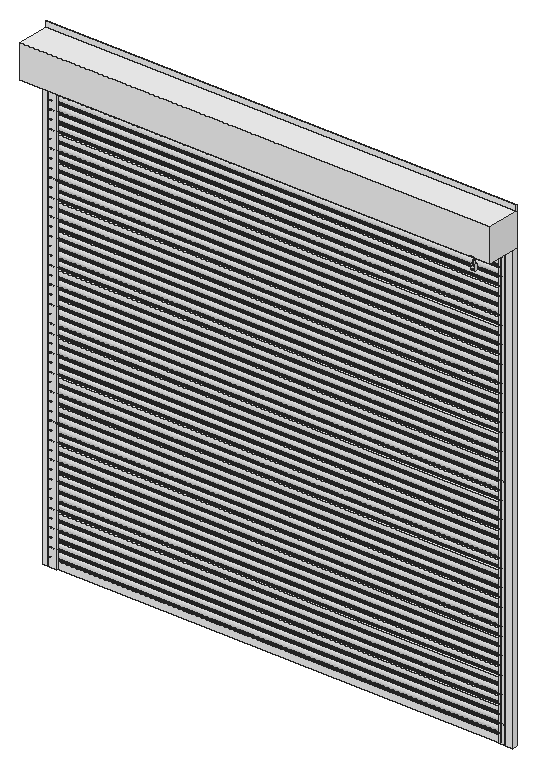
Revit family "Doors_Shutters_Wayne-Dalton_Security-Shutter-Doors-Model-523_", category Specialty Equipment, host Wall, Revit 2019
Family settings
  Host = Wall
  Round Connector Dimension = Use Diameter
  Part Type = Normal
  OmniClass Number = 23.30.10.21.34
  OmniClass Title = Industrial Doors
  Always vertical = Yes
  Cut with Voids When Loaded = Yes
  Shared = No
  Room Calculation Point = No
Parameters (values of type "115 volts, one phase, 60 Hz (110-120V range)")
  Warning (Note) [instance] = if(Warning Sign, "The Door Area is out of the limit; please adjust accordingly. The maximum allowed area is 239 sq. ft.", " ")  # " "
  Warning Sign [instance] = if(Calculated Area > 239.00 SF, 1 = 1, 1 = 2)  # no
  True Opening Width [instance] = if(Between Jambs Mounting, Door Width True, Clear Width)  # 10' - 0"
  True Opening Height [instance] = if(Between Jambs Mounting, Clear Height + Headroom Height, Clear Height)  # 10' - 0"
  Wall Thickness [instance] = 0' - 6"
  Voltage = 115 V
  Min Opening Width [instance] = 3' - 0"  # constant formula
  Min Opening Height [instance] = 3' - 0"  # constant formula
  Max Opening Width [instance] = 20' - 0"  # constant formula
  Max Opening Height [instance] = 14' - 0"  # constant formula
  Jamb Offset [instance] = if(Between Jambs Mounting, G Value, 0' 0")  # 0' - 0"
  Headroom Height Real [instance] = Hood Height + Hood Offset  # 0' - 11"
  G Value [instance] = 0' - 3 7/8"  # constant formula
  Door Width True [instance] = if(Between Jambs Mounting, Clear Width + G Value * 2, Clear Width + G Value * 2 + 0' 0 3/8" * 2)  # 10' - 8 1/2"
  Door Height True [instance] = Clear Height + Headroom Height  # 11' - 0 1/2"
  BJ Opening Cut [instance] = if(Between Jambs Mounting, Headroom Height, 0' 0")  # 0' - 0"
  Tube Motor = yes
  Product Page URL = "https://www.wayne-dalton.com/security-shutters-523"
  Power Factor = 1
  Powder Coat (Note) = "PowderGuard® Premium powder coat finish options are available in approximately 200 colors and can be custom matched to architect specifications."  # constant formula
  Opening Width Real [instance] = if(Opening Width > Max Opening Width, Max Opening Width, if(Opening Width < Min Opening Width, Min Opening Width, Opening Width))  # 10' - 0"
  Opening Width [instance] = 10' - 0"
  Opening Height Real [instance] = if(Opening Height > Max Opening Height, Max Opening Height, if(Opening Height < Min Opening Height, Min Opening Height, Opening Height))  # 10' - 0"
  Opening Height [instance] = 10' - 0"
  Number of Poles = 1
  Material Finish [instance] = 523 : Standard - White
  Installation Real [instance] = if(Between Jambs Mounting, Ex Wall Offset + Installation Limits, Wall Thickness)  # 0' - 6"
  Installation Offset [instance] = 0' - 0"
  Installation Limits [instance] = if(Installation Offset < 0' 0", 0' 0", if(Installation Offset > Wall Thickness - 0' 1 1/4" - Ex Wall Offset, Wall Thickness - 0' 1 1/4" - Ex Wall Offset, Installation Offset))  # 0' - 0"
  Hood Width [instance] = if(or(Opening Height < 4' 0", Opening Height = 4' 0"), 0' 7", if(or(Opening Height < 8' 0", Opening Height = 8' 0"), 0' 8", if(or(Opening Height < 10' 0", Opening Height = 10' 0"), 0' 9", if(or(Opening Height < 12' 0", Opening Height = 12' 0"), 0' 10", 0' 11"))))  # 0' - 9"
  Hood Offset = 0' - 2"  # constant formula
  Hood Height [instance] = if(or(Opening Height < 4' 0", Opening Height = 4' 0"), 0' 7", if(or(Opening Height < 8' 0", Opening Height = 8' 0"), 0' 8", if(or(Opening Height < 10' 0", Opening Height = 10' 0"), 0' 9", if(or(Opening Height < 12' 0", Opening Height = 12' 0"), 0' 10", 0' 11"))))  # 0' - 9"
  Headroom Height [instance] = if(Between Jambs Mounting, Hood Height + Hood Offset, Hood Height + Hood Offset + 0' 1 1/2")  # 1' - 0 1/2"
  Guid Depth [instance] = 0' - 7"  # constant formula
  Frequency = 60 Hz
  Face Of Wall Mounting [instance] = not(Between Jambs Mounting)  # yes
  Ex Wall Offset [instance] = 0' - 0"  # constant formula
  Door Width (Real) [instance] = if(Between Jambs Mounting, Clear Width, Clear Width + 0' 2 121/128" * 2)  # 10' - 5 57/64"
  Door Height (Real) [instance] = Clear Height + Hood Offset  # 10' - 2"
  URL = "https://www.wayne-dalton.com/"
  Product data url = "https://www.bimobject.com/wayne-dalton/product/security-shutter-doors-model-523"
  Product Guid = "4a28d49f-eaf9-4804-98fc-391255ed93c4"
  Model = "523"  # constant formula
  Manufacturer = "Wayne Dalton"  # constant formula
  Wall Closure = By host
  Floor To (CL) of Shaft [instance] = [Door Height (Real)] + Hood Height / 2  # 10' - 6 1/2"
  Description = "Model 523 Rolling Security Shutter"  # constant formula
  Crank + Tube Motor = or(Crank, Tube Motor)  # yes
  Crank = no
  Connector Position [instance] = if(Between Jambs Mounting, 0' 3 7/8", 0' 3 7/8" + 0' 0 3/8")  # 0' - 4 1/4"
  Manual = no
  Current = 20 A
  Connector Array Distance = 0' - 0"  # constant formula
  Connector Array = if(or(Manual, Crank), 2, 3)  # 3
  Clear Width [instance] = if(Between Jambs Mounting, Opening Width Real - G Value * 2, Opening Width Real)  # 10' - 0"
  Clear Height [instance] = if(Between Jambs Mounting, Opening Height Real - Headroom Height, Opening Height Real)  # 10' - 0"
  Calculated Area [instance] = [Door Width (Real)] * [Door Height (Real)]  # 106.657 SF
  Between Jambs Mounting [instance] = no
  Backroom Depth [instance] = Hood Width  # 0' - 9"
  Apparent Load Phase 1 = if(Number of Poles = 1, Voltage * Current, (Voltage * Current * sqrt(3)) / 3)  # 2300 VA
Types (4): name | Voltage | Tube Motor | Power Factor | Frequency | Crank + Tube Motor | Crank | Manual | Current | Connector Array | Apparent Load Phase 1
  115 volts, one phase, 60 Hz (110-120V range) | 115 V | yes | 1 | 60 Hz | yes | no | no | 20 A | 3 | 2300 VA
  Manual push-up | 0 V | no | 1 | 0 Hz | no | no | yes | 0 A | 2 | 0 VA
  240 volts, one phase, 60 Hz (208-245V range) | 240 V | yes | 1 | 60 Hz | yes | no | no | 20 A | 3 | 4800 VA
  Manual crank | 0 V | no | 0 | 0 Hz | yes | yes | no | 0 A | 2 | 0 VA
Reference planes (in)
  plane 1 "Center (Front/Back)": y = -5
  plane 2 "Center (Left/Right)": x = 0
  plane 3 "Left": x = -64.25
  plane 4 "Right": x = 64.25
  plane 5 "Exterior": y = 1
  plane 6 "Interior": y = -5
  plane 7: x = 60
  plane 8: x = -60
  plane 9: z = 120
  plane 10 "Main": y = -5.625
  plane 11: y = -14
  plane 12 "Main Door Block": y = -5
  plane 13 "Bottom Bar": z = 2.12022
  plane 14: y = -6
  plane 15: z = 126.5
  plane 16: z = 0
  plane 17: y = -9.5
  plane 18: y = -9.5
  plane 19 "Connector": x = 64.25
  plane 20: z = 122
  plane 21: z = 132.5
  plane 22: z = 61
  plane 23: y = -5.875
Forms (in)
  Extrusion 1, void
    sketch origin (0, -5, 0) x (0, 0, -1) y (-1, 0, 0)
      loop
        line (-120, 60) -> (-120, -60) -> (0, -60) -> (0, 60) -> (-120, 60)
    from 0 to 6
  Extrusion 2, solid, not visible
    sketch origin (62.49609, 0.75, -0.75) x (0, 1, 0) y (0, 0, 1)
      loop
        circle (-10.25, 127.25) r 0.5
    from 0 to 1.75391
  Extrusion 3, solid, not visible
    sketch origin (62.49609, 0.75, -0.75) x (0, 1, 0) y (0, 0, 1)
      loop
        circle (-10.25, 127.25) r 0.5
    from 0 to 1.75391
  Extrusion 4, solid, not visible
    sketch origin (62.49609, 0.75, -0.75) x (0, 1, 0) y (0, 0, 1)
      loop
        circle (-10.25, 127.25) r 0.5
    from 0 to 1.75391
Lines and regions (in)
  model lines, not visible
    curve 1: line (62.49609, -9.5, 126) -> (62.49609, -9.5, 127)
    curve 2: line (62.49609, -10, 126.5) -> (62.49609, -9, 126.5)
    curve 3: line (62.49609, -9.5, 126) -> (62.49609, -9.5, 127)
    curve 4: line (62.49609, -10, 126.5) -> (62.49609, -9, 126.5)
    curve 5: line (62.49609, -9.5, 126) -> (62.49609, -9.5, 127)
    curve 6: line (62.49609, -10, 126.5) -> (62.49609, -9, 126.5)
Text (in)
  text "Exterior" at (-74.96733, 27.31104, 0), in view "Ref. Level"
  text "Interior" at (-74.96733, -25.14366, 0), in view "Ref. Level"
  text "Exterior" at (0, 40.15149, 123.01588), in view "Right"
  text "Interior" at (0, -64.39139, 123.01588), in view "Right"
  text "Interior" at (0, -31.01599, 123.00693), in view "Left"
  text "Exterior" at (0, 54.57065, 123.00693), in view "Left"
Dimensions and locks (in)
  equal spacing: plane 3 "Left", plane 2 "Center (Left/Right)", plane 4 "Right"
  "Door Width True": plane 3 "Left" to plane 4 "Right"
  level to host wall = 38' - 3.59655"
  "Clear Height": level to plane 9
  plane 8 to plane 2 "Center (Left/Right)" to plane 7 = 5' - 0", 5' - 0"
  plane 7 to plane 8 = 10' - 0"
  equal spacing: plane 7, plane 2 "Center (Left/Right)", plane 8
  locked: plane 13 "Bottom Bar" to level at 2.12022
  "Clear Width": plane 7 to plane 8
  locked: plane 14 to plane 10 "Main" at 0.375
  "Floor To (CL) of Shaft": level to plane 15
  "Backroom Depth": plane 11 to plane 12 "Main Door Block"
  "Installation Real": plane 1 "Center (Front/Back)" to plane 5 "Exterior"
  "Wall Thickness": host wall to host wall
  "BJ Opening Cut": Extrusion 1 sketch curve to plane 9
  locked: plane 14 to plane 1 "Center (Front/Back)" at 1
  equal spacing: plane 11, plane 17, plane 1 "Center (Front/Back)"
  "Connector Array Distance": plane 18 to plane 17
  equal spacing: group 3, group 2, group 1  (x2)
  equal spacing: group 1, group 2, group 3
  "Connector Position": plane 19 "Connector" to plane 7
  "Jamb Offset": plane 8 to Extrusion 1 sketch curve
  "Jamb Offset": Extrusion 1 sketch curve to plane 7
  "Hood Offset": plane 20 to plane 9
  "Headroom Height": plane 21 to plane 9
  equal spacing: plane 20, plane 22, level
  locked: plane 14 to plane 23 at 0.125
  aligned and locked: plane 5 "Exterior" to host wall
  aligned and locked: host wall to plane 6 "Interior"
  aligned and locked: level to Extrusion 1 sketch curve
  aligned and locked: Extrusion 1 to plane 5 "Exterior"
  aligned and locked: plane 6 "Interior" to Extrusion 1
  aligned and locked: plane 12 "Main Door Block" to plane 1 "Center (Front/Back)"
  aligned and locked: level to plane 16
  aligned and locked: plane 1 "Center (Front/Back)" to nested 1
  aligned and locked: curve 1 to Extrusion 2 sketch curve
  aligned and locked: curve 2 to Extrusion 2 sketch curve
  aligned and locked: curve 3 to Extrusion 3 sketch curve
  aligned and locked: curve 4 to Extrusion 3 sketch curve
  aligned and locked: curve 5 to Extrusion 4 sketch curve
  aligned and locked: curve 6 to Extrusion 4 sketch curve
  aligned and locked: curve 1 to plane 17
  aligned and locked: plane 15 to curve 2
  aligned and locked: plane 15 to curve 4
  aligned and locked: curve 3 to plane 18
  aligned and locked: Extrusion 2 to plane 19 "Connector"
  aligned and locked: Extrusion 3 to plane 19 "Connector"
  aligned and locked: plane 22 to nested 2
  aligned and locked: plane 2 "Center (Left/Right)" to nested 2
  aligned and locked: nested 2 to plane 23
Automatic sketch dimensions
  curve 2 to curve 1 = 0' - 0 1/2"  (x2)
  curve 1 to curve 2 = 0' - 0 1/2"  (x2)
  curve 4 to curve 3 = 0' - 0 1/2"  (x2)
  curve 3 to curve 4 = 0' - 0 1/2"  (x2)
  curve 6 to curve 5 = 0' - 0 1/2"  (x2)
  curve 5 to curve 6 = 0' - 0 1/2"  (x2)
  radius of Extrusion 2 sketch curve = 0' - 0 1/2"
  radius of Extrusion 3 sketch curve = 0' - 0 1/2"
  radius of Extrusion 4 sketch curve = 0' - 0 1/2"
Nested families (in)
  nested 1: "523" at (0, -5, 0), Between Jambs <- "Between Jambs Mounting", Opening Height <- "Opening Height Real", Opening Width <- "Opening Width Real", Header Width <- "Backroom Depth", Headroom Height <- "Headroom Height Real", type <- "Material Finish", Crank <- "Crank + Tube Motor", Hood Offset <- "Hood Offset", type "Standard - White"
    with Slat Length 10' - 5.89", Slat Height 0' - 2.379", Opening Width 10' - 0", Opening Height 10' - 0", Hood Offset 0' - 2", Height Real 10' - 0", Headroom Height 0' - 11", Headplate Offset 0' - 4 1/4", Header Width 0' - 9", Guide Setback 0' - 0 3/8", Guide Offset 0' - 0", Floor To (CL) of Shaft 10' - 6 1/2", Face to Wall Mount yes, Crank yes, Between Jambs no, Array Length 10' - 1.329", Array 51
  nested 2: "Warning Sign" at (0, -5.875, 61), visible <- "Warning Sign", type "Warning Sign"
    with Warning Sign no
Connectors (in)
  electrical at (64.25, -9.5, 126.5), driven by "Apparent Load Phase 1", driven by "Power Factor", driven by "Voltage", driven by "Number of Poles"
    settings: on Extrusion 4, index 1, voltage 115 V, apparent load 0 VA, apparent load phase1 2300 VA, apparent load phase2 0 VA, apparent load phase3 0 VA, power factor 1, load classification "Other", number of poles 1, system type 31, power factor state 1, is connector primary yes, connector utility no, sub classification motor no, connector description "Electrical Connector"
Definition of nested family "523"
  Parameters (values of type "Fenestrated Slat - Almond")
    Slat Material Cutout = none
    Slat Length [instance] = if(Between Jambs, Opening Width - 0' 1.305" * 2, Opening Width + 0' 2.945" * 2)  # 10' - 5.89"
    Slat Height [instance] = 0' - 2.379"  # constant formula
    Rough Width = 0' - 0"
    Rough Height = 0' - 0"
    Slat Material = none
    Opening Width [instance] = 10' - 0"
    Hood Offset [instance] = 0' - 2"
    Height Real [instance] = if(Between Jambs, Opening Height - Headroom Height, Opening Height)  # 10' - 0"
    Headroom Height [instance] = 1' - 0 1/2"
    Headplate Offset [instance] = if(Between Jambs, 0' 3 7/8", 0' 3 7/8" + Guide Setback)  # 0' - 4 1/4"
    Header Width [instance] = 0' - 10 1/2"
    Opening Height [instance] = 10' - 0"
    Guide Setback [instance] = if(Between Jambs, 0' 0", 0' 0 3/8")  # 0' - 0 3/8"
    Guide Offset [instance] = if(Between Jambs, 0' 3 7/8", 0' 0")  # 0' - 0"
    Floor To (CL) of Shaft [instance] = Opening Height + (Headroom Height - 0' 2") / 2 + 0' 2"  # 10' - 7 1/4"
    Face to Wall Mount [instance] = not(Between Jambs)  # yes
    Crank [instance] = yes
    Between Jambs [instance] = no
    BJ Position = 0' - 0"  # constant formula
    Array Length [instance] = (Array) * Slat Height  # 10' - 1.329"
    Array [instance] = rounddown((Height Real) / Slat Height) + 1  # 51
    Analytic Construction = "<None>"
  Types (12): name
    Standard Slat - White
    Standard Slat - Silver
    Standard Slat - Bronze
    Standard Slat - Almond
    Perforated Slat - Almond
    Perforated Slat - Bronze
    Perforated Slat - Silver
    Perforated Slat - White
    Fenestrated Slat - White
    Fenestrated Slat - Silver
    Fenestrated Slat - Bronze
    Fenestrated Slat - Almond
  Reference planes (in)
    plane 1 "Center (Front/Back)": y = 0
    plane 2: z = 0
    plane 3 "Center (Left/Right)": x = 0
    plane 4 "Opening Height": z = 120
    plane 5: z = 132.5
    plane 6: y = 10.5
    plane 7 "Real Opening 2": x = -60
    plane 8 "Real Opening 1": x = 60
    plane 9: z = 122
    plane 10 "Main": y = 0
    plane 11: z = 127.25
    plane 12: x = 60
    plane 13: x = -60
    plane 14: x = -64.25
    plane 15: x = 64.25
    plane 16: y = 1.25
    plane 17: z = 2
    plane 18: y = 0.435
    plane 19: z = 123.329
    plane 20 "Crank": x = 59.25
    plane 21: y = 7.5
  Forms (in)
    Extrusion 1, solid, material <- "Slat Material"
      sketch origin (0, 0, 0) x (0, 1, 0) y (0, 0, 1)
        loop
          line (0.9875, 2) -> (0.2625, 2) -> (0.2625, 0) -> (0.9875, 0) -> (0.9875, 2)
      from -61.92 to 61.92
    Extrusion 2, solid, material <- "Slat Material"
      sketch origin (0, 0, 0) x (0, 1, 0) y (0, 0, 1)
        loop
          line (0, 122) -> (10.5, 122) -> (10.5, 132.5) -> (0, 132.5) -> (0, 122)
      from -64.25 to 64.25
    Extrusion 3, solid, material <- "Slat Material"
      sketch origin (0, 0, 0) x (1, 0, 0) y (0, 1, 0)
        loop
          line (-64.25, 1.25) -> (-64.25, 0) -> (-60.375, 0) -> (-60.375, 0.25) -> (-60.86, 0.25) -> (-60.86, 0.1) -> (-61.92, 0.1) -> (-61.92, 0.435) -> (-62.045, 0.435) -> (-62.045, 0.1) -> (-62.945, 0.1) -> (-62.945, 1.15) -> (-62.045, 1.15) -> (-62.045, 0.815) -> (-61.92, 0.815) -> (-61.92, 1.15) -> (-60.86, 1.15) -> (-60.86, 1) -> (-60.375, 1) -> (-60.375, 1.25) -> (-64.25, 1.25)
        loop
          line (64.25, 1.25) -> (60.375, 1.25) -> (60.375, 1) -> (60.86, 1) -> (60.86, 1.15) -> (61.92, 1.15) -> (61.92, 0.815) -> (62.045, 0.815) -> (62.045, 1.15) -> (62.945, 1.15) -> (62.945, 0.1) -> (62.045, 0.1) -> (62.045, 0.435) -> (61.92, 0.435) -> (61.92, 0.1) -> (60.86, 0.1) -> (60.86, 0.25) -> (60.375, 0.25) -> (60.375, 0) -> (64.25, 0) -> (64.25, 1.25)
      from 0 to 122
    Extrusion 4, solid, material <- "Slat Material", visible <- "Face to Wall Mount"
      sketch origin (0, 0, 0) x (0, 1, 0) y (0, 0, 1)
        loop
          line (0, 132.5) -> (0.2, 132.5) -> (0.2, 134) -> (0, 134) -> (0, 132.5)
      from -64.25 to 64.25
    Extrusion 5, solid, visible <- "Crank"
      sketch origin (59.25, 0, 0) x (0, 0, -1) y (0, -1, 0)
        loop
          line (-121.9, -7.5) -> (-122, -7.5) -> (-122, -10.5) -> (-121.9, -10.5) -> (-121.9, -7.5)
        loop
          arc (-119.57937, -9.33493) -> (-120, -9.75556) -> (-119.57937, -10.1762) r 0.42063
          line (-119.57937, -10.1762) -> (-118.76148, -10.1762)
          arc (-118.76148, -10.1762) -> (-118.58471, -10.10297) -> (-118.51148, -9.9262) r 0.25
          line (-118.51148, -9.9262) -> (-118.51148, -9.58493)
          arc (-118.51148, -9.58493) -> (-118.58471, -9.40815) -> (-118.76148, -9.33493) r 0.25
          line (-118.76148, -9.33493) -> (-119.57937, -9.33493)
        loop
          arc (-119.57937, -9.52293) -> (-119.812, -9.75556) -> (-119.57937, -9.9882) r 0.23263
          line (-119.57937, -9.9882) -> (-118.76148, -9.9882)
          arc (-118.76148, -9.9882) -> (-118.71764, -9.97004) -> (-118.69948, -9.9262) r 0.062
          line (-118.69948, -9.9262) -> (-118.69948, -9.58493)
          arc (-118.69948, -9.58493) -> (-118.71764, -9.54109) -> (-118.76148, -9.52293) r 0.062
          line (-118.76148, -9.52293) -> (-119.57937, -9.52293)
      from -0.5 to 0.5
    Revolve 6, solid, visible <- "Crank"
      sketch origin (59.25, 0, 0) x (0, 0, -1) y (0, -1, 0)
        loop
          line (-121.37028, -9.66459) -> (-121.19351, -9.84136) -> (-121.06092, -9.70878) -> (-122.18202, -8.58768) -> (-122.44719, -8.85285) -> (-121.50287, -9.79717) -> (-121.37028, -9.66459)
        axis (-121.06092, -9.70878) -> (-122.18202, -8.58768)
      angle from 0 to 360
    Revolve 7, solid, visible <- "Crank"
      sketch origin (59.25, 0, 0.04687) x (0, 0, -1) y (0, -1, 0)
        loop
          line (-120.91808, -9.75556) -> (-120.91808, -9.84411) -> (-120.8087, -9.84411) -> (-120.8087, -9.89879) -> (-120.66995, -9.89879) -> (-120.66995, -9.98473) -> (-119.95312, -9.98473) -> (-119.95312, -9.75556) -> (-120.91808, -9.75556)
        axis (-120.91808, -9.75556) -> (-119.95312, -9.75556)
      angle from 0 to 360
    Extrusion 8, solid, visible <- "Crank"
      sketch origin (59.25, 0, 0) x (0, 0, -1) y (0, -1, 0)
        loop
          circle (-121.01414, -9.75556) r 0.1
      from -0.1 to 0.1
  Lines and regions (in)
    Masking region 1
      outline origin (0, 0, 0) x (1, 0, 0) y (0, 1, 0)
        loop
          line (-64.25, 10.5) -> (-64.25, 0) -> (64.25, 0) -> (64.25, 10.5) -> (-64.25, 10.5)
    symbolic lines, visible <- "Face to Wall Mount"
      curve 1: line (64.25, 0.2, 0) -> (-64.25, 0.2, 0)
  Dimensions and locks (in)
    locked: Extrusion 1 sketch curve to level at 2
    "Headroom Height": plane 5 to plane 4 "Opening Height"
    plane 6 to plane 1 "Center (Front/Back)" = 0' - 10 1/2"
    locked: Extrusion 2 sketch curve to plane 4 "Opening Height" at 2
    "Height Real": plane 4 "Opening Height" to level
    "Hood Offset": plane 9 to plane 4 "Opening Height"
    "BJ Position": plane 10 "Main" to plane 1 "Center (Front/Back)"
    "Header Width": plane 10 "Main" to plane 6
    "Floor To (CL) of Shaft": plane 11 to level
    locked: Extrusion 1 sketch curve to Extrusion 1 sketch curve at 0.725
    "Guide Offset": plane 8 "Real Opening 1" to plane 12
    "Guide Offset": plane 13 to plane 7 "Real Opening 2"
    locked: plane 16 to plane 10 "Main" at 1.25
    "Opening Width": plane 13 to plane 12
    equal spacing: plane 13, plane 3 "Center (Left/Right)", plane 12
    "Headplate Offset": plane 8 "Real Opening 1" to plane 15
    "Headplate Offset": plane 14 to plane 7 "Real Opening 2"
    locked: Extrusion 3 sketch curve to Extrusion 3 sketch curve at 3.875  (x2)
    "Guide Setback": Extrusion 3 sketch curve to plane 7 "Real Opening 2"
    locked: Extrusion 3 sketch curve to Extrusion 3 sketch curve at 0.25  (x4)
    locked: Extrusion 3 sketch curve to Extrusion 3 sketch curve at 0.485  (x2)
    locked: Extrusion 3 sketch curve to Extrusion 3 sketch curve at 0.125  (x2)
    locked: Extrusion 3 sketch curve to Extrusion 3 sketch curve at 0.15  (x4)
    locked: Extrusion 3 sketch curve to Extrusion 3 sketch curve at 1.06  (x2)
    locked: Extrusion 3 sketch curve to Extrusion 3 sketch curve at 0.9  (x2)
    locked: Extrusion 3 sketch curve to Extrusion 3 sketch curve at 1.25  (x2)
    "Guide Setback": plane 8 "Real Opening 1" to Extrusion 3 sketch curve
    locked: Extrusion 3 sketch curve to Extrusion 3 sketch curve at 0.435  (x4)
    Extrusion 4 sketch curve to Extrusion 4 sketch curve = 0' - 0.2"
    locked: Extrusion 4 sketch curve to plane 5 at 1.5
    locked: plane 10 "Main" to Extrusion 1 sketch curve at 0.2625
    locked: plane 17 to level at 2
    locked: plane 10 "Main" to plane 18 at 0.435
    equal spacing: group 1, group 3, group 4, group 5, group 6, group 7, group 8, group 9, group 10, group 11, group 12, group 13, group 14, group 15, group 16, group 17, group 18, group 19, group 20, group 21, group 22, group 23, group 24, group 25, group 26, group 27, group 28, group 29, group 30, group 31, group 32, group 33, group 34, group 35, group 36, group 37, group 38, group 39, group 40, group 41, group 42, group 43, group 44, group 45, group 46, group 47, group 48, group 49, group 50, group 51, group 2  (x3)
    "Array Length": plane 19 to plane 17
    locked: plane 20 "Crank" to plane 15 at 5
    locked: plane 21 to plane 6 at 3
    locked: Revolve 6 sketch curve to plane 9 at 0.44719
    Revolve 6 sketch curve to Revolve 6 sketch curve to Revolve 6 sketch curve = 0' - 0 1/4" locked, 0' - 1.33547" locked
    locked: plane 9 to Extrusion 8 sketch curve at 0.98586
    locked: Extrusion 8 sketch curve to plane 6 at 0.74444
    locked: plane 9 to Extrusion 5 sketch curve at 0.1
    locked: Extrusion 5 sketch curve to Extrusion 5 sketch curve at 0.87988
    locked: Extrusion 5 sketch curve to Extrusion 5 sketch curve at 0.23263
    locked: Extrusion 5 sketch curve to Extrusion 5 sketch curve at 0.188  (x2)
    Extrusion 5 sketch curve to Extrusion 5 sketch curve = 0' - 0.188"
    locked: plane 4 "Opening Height" to Extrusion 5 sketch curve at 0.42063
    locked: plane 9 to Revolve 6 sketch curve at 0.97407
    locked: Revolve 6 sketch curve to plane 6 at 1.7303
    radius of Extrusion 5 sketch curve = 0' - 0.42063"
    radius of Extrusion 5 sketch curve = 0' - 0 1/4"  (x2)
    radius of Extrusion 8 sketch curve = 0' - 0.1"
    radius of Extrusion 5 sketch curve = 0' - 0.062"  (x2)
    radius of Extrusion 5 sketch curve = 0' - 0.23263"
    locked: Revolve 6 sketch curve to plane 9 (angle 45.00°)
    aligned and locked: plane 2 to level
    aligned and locked: Extrusion 2 sketch curve to plane 5
    aligned and locked: Extrusion 2 sketch curve to plane 6
    aligned and locked: Extrusion 2 to plane 15
    aligned and locked: Extrusion 2 to plane 14
    aligned and locked: plane 10 "Main" to Extrusion 2 sketch curve
    aligned and locked: plane 16 to Extrusion 3 sketch curve
    aligned and locked: Extrusion 3 sketch curve to Extrusion 3 sketch curve  (x12)
    aligned and locked: Extrusion 3 sketch curve to plane 16
    aligned and locked: plane 9 to Extrusion 3
    aligned and locked: Extrusion 4 sketch curve to plane 5
    aligned and locked: plane 10 "Main" to Extrusion 4 sketch curve
    aligned and locked: Extrusion 4 to Extrusion 2
    aligned and locked: Extrusion 2 to Extrusion 4
    aligned and locked: Extrusion 1 to Extrusion 3  (x2)
    aligned and locked: Masking region 1 sketch curve to Extrusion 2  (x3)
    aligned and locked: Masking region 1 sketch curve to Extrusion 4
    aligned and locked: Extrusion 2 to curve 1  (x2)
    aligned and locked: curve 1 to Extrusion 4
    aligned and locked: nested 1 to plane 3 "Center (Left/Right)"
    aligned and locked: plane 17 to nested 1
    aligned and locked: nested 1 to plane 18
    aligned and locked: plane 18 to nested 2
    aligned and locked: plane 19 to nested 2
    aligned and locked: plane 21 to Extrusion 5 sketch curve
    aligned and locked: plane 9 to Extrusion 5 sketch curve
    aligned and locked: plane 6 to Extrusion 5 sketch curve
    aligned and locked: plane 9 to Revolve 6 sketch curve
  Automatic sketch dimensions
    Extrusion 1 sketch curve to level = 0' - 0"
    plane 9 to Revolve 6 sketch curve = 0' - 0.18202"
    Revolve 6 sketch curve to plane 9 = 0' - 0.49713"
    Revolve 6 sketch curve to Revolve 6 sketch curve = 0' - 0.13258"
    Revolve 6 sketch curve to Revolve 6 sketch curve = 0' - 0.03499"
    Revolve 7 sketch curve to plane 4 "Opening Height" = 0' - 0"
    Revolve 7 sketch curve to Revolve 7 sketch curve = 0' - 0.71682"
    Revolve 7 sketch curve to Revolve 7 sketch curve = 0' - 0.13875"
    Revolve 7 sketch curve to Revolve 7 sketch curve = 0' - 0 7/64"
    Revolve 7 sketch curve to plane 6 = 0' - 0.51527"
    Revolve 7 sketch curve to Revolve 7 sketch curve = 0' - 0 11/128"
    Revolve 7 sketch curve to Revolve 7 sketch curve = 0' - 0 7/128"
    Revolve 7 sketch curve to Revolve 7 sketch curve = 0' - 0.22917"
    Revolve 7 sketch curve to Revolve 7 sketch curve = 0' - 0.0413"
    Revolve 7 sketch curve to plane 6 = 0' - 0.74444"
    Revolve 7 sketch curve to plane 4 "Opening Height" = 0' - 1.49375"
    Extrusion 5 sketch curve to Extrusion 5 sketch curve = 0' - 0"
    Extrusion 5 sketch curve to plane 6 = 0' - 0.3238"
  Nested families (in)
    nested 1: "Slat" at (0, 0.72406, 2) x (-1, 0, 0) z (0, 0, 1), type "Slat - Custom"
      with Door Width 10' - 5.89"
    nested 2: "Slat" at (0, 0.72406, 120.949) x (-1, 0, 0) z (0, 0, 1), type "Slat - Custom"
      with Door Width 10' - 5.89"
    nested 3: "Slat" at (0, 0.72406, 4.37898) x (-1, 0, 0) z (0, 0, 1), type "Slat - Custom"
      with Door Width 10' - 5.89"
    nested 4: "Slat" at (0, 0.72406, 6.75796) x (-1, 0, 0) z (0, 0, 1), type "Slat - Custom"
      with Door Width 10' - 5.89"
    nested 5: "Slat" at (0, 0.72406, 9.13694) x (-1, 0, 0) z (0, 0, 1), type "Slat - Custom"
      with Door Width 10' - 5.89"
    nested 6: "Slat" at (0, 0.72406, 11.51592) x (-1, 0, 0) z (0, 0, 1), type "Slat - Custom"
      with Door Width 10' - 5.89"
    nested 7: "Slat" at (0, 0.72406, 13.8949) x (-1, 0, 0) z (0, 0, 1), type "Slat - Custom"
      with Door Width 10' - 5.89"
    nested 8: "Slat" at (0, 0.72406, 16.27388) x (-1, 0, 0) z (0, 0, 1), type "Slat - Custom"
      with Door Width 10' - 5.89"
    nested 9: "Slat" at (0, 0.72406, 18.65286) x (-1, 0, 0) z (0, 0, 1), type "Slat - Custom"
      with Door Width 10' - 5.89"
    nested 10: "Slat" at (0, 0.72406, 21.03184) x (-1, 0, 0) z (0, 0, 1), type "Slat - Custom"
      with Door Width 10' - 5.89"
    nested 11: "Slat" at (0, 0.72406, 23.41082) x (-1, 0, 0) z (0, 0, 1), type "Slat - Custom"
      with Door Width 10' - 5.89"
    nested 12: "Slat" at (0, 0.72406, 25.7898) x (-1, 0, 0) z (0, 0, 1), type "Slat - Custom"
      with Door Width 10' - 5.89"
    nested 13: "Slat" at (0, 0.72406, 28.16878) x (-1, 0, 0) z (0, 0, 1), type "Slat - Custom"
      with Door Width 10' - 5.89"
    nested 14: "Slat" at (0, 0.72406, 30.54776) x (-1, 0, 0) z (0, 0, 1), type "Slat - Custom"
      with Door Width 10' - 5.89"
    nested 15: "Slat" at (0, 0.72406, 32.92674) x (-1, 0, 0) z (0, 0, 1), type "Slat - Custom"
      with Door Width 10' - 5.89"
    nested 16: "Slat" at (0, 0.72406, 35.30572) x (-1, 0, 0) z (0, 0, 1), type "Slat - Custom"
      with Door Width 10' - 5.89"
    nested 17: "Slat" at (0, 0.72406, 37.6847) x (-1, 0, 0) z (0, 0, 1), type "Slat - Custom"
      with Door Width 10' - 5.89"
    nested 18: "Slat" at (0, 0.72406, 40.06368) x (-1, 0, 0) z (0, 0, 1), type "Slat - Custom"
      with Door Width 10' - 5.89"
    nested 19: "Slat" at (0, 0.72406, 42.44266) x (-1, 0, 0) z (0, 0, 1), type "Slat - Custom"
      with Door Width 10' - 5.89"
    nested 20: "Slat" at (0, 0.72406, 44.82164) x (-1, 0, 0) z (0, 0, 1), type "Slat - Custom"
      with Door Width 10' - 5.89"
    nested 21: "Slat" at (0, 0.72406, 47.20062) x (-1, 0, 0) z (0, 0, 1), type "Slat - Custom"
      with Door Width 10' - 5.89"
    nested 22: "Slat" at (0, 0.72406, 49.5796) x (-1, 0, 0) z (0, 0, 1), type "Slat - Custom"
      with Door Width 10' - 5.89"
    nested 23: "Slat" at (0, 0.72406, 51.95858) x (-1, 0, 0) z (0, 0, 1), type "Slat - Custom"
      with Door Width 10' - 5.89"
    nested 24: "Slat" at (0, 0.72406, 54.33756) x (-1, 0, 0) z (0, 0, 1), type "Slat - Custom"
      with Door Width 10' - 5.89"
    nested 25: "Slat" at (0, 0.72406, 56.71654) x (-1, 0, 0) z (0, 0, 1), type "Slat - Custom"
      with Door Width 10' - 5.89"
    nested 26: "Slat" at (0, 0.72406, 59.09552) x (-1, 0, 0) z (0, 0, 1), type "Slat - Custom"
      with Door Width 10' - 5.89"
    nested 27: "Slat" at (0, 0.72406, 61.4745) x (-1, 0, 0) z (0, 0, 1), type "Slat - Custom"
      with Door Width 10' - 5.89"
    nested 28: "Slat" at (0, 0.72406, 63.85348) x (-1, 0, 0) z (0, 0, 1), type "Slat - Custom"
      with Door Width 10' - 5.89"
    nested 29: "Slat" at (0, 0.72406, 66.23246) x (-1, 0, 0) z (0, 0, 1), type "Slat - Custom"
      with Door Width 10' - 5.89"
    nested 30: "Slat" at (0, 0.72406, 68.61144) x (-1, 0, 0) z (0, 0, 1), type "Slat - Custom"
      with Door Width 10' - 5.89"
    nested 31: "Slat" at (0, 0.72406, 70.99042) x (-1, 0, 0) z (0, 0, 1), type "Slat - Custom"
      with Door Width 10' - 5.89"
    nested 32: "Slat" at (0, 0.72406, 73.3694) x (-1, 0, 0) z (0, 0, 1), type "Slat - Custom"
      with Door Width 10' - 5.89"
    nested 33: "Slat" at (0, 0.72406, 75.74838) x (-1, 0, 0) z (0, 0, 1), type "Slat - Custom"
      with Door Width 10' - 5.89"
    nested 34: "Slat" at (0, 0.72406, 78.12736) x (-1, 0, 0) z (0, 0, 1), type "Slat - Custom"
      with Door Width 10' - 5.89"
    nested 35: "Slat" at (0, 0.72406, 80.50634) x (-1, 0, 0) z (0, 0, 1), type "Slat - Custom"
      with Door Width 10' - 5.89"
    nested 36: "Slat" at (0, 0.72406, 82.88532) x (-1, 0, 0) z (0, 0, 1), type "Slat - Custom"
      with Door Width 10' - 5.89"
    nested 37: "Slat" at (0, 0.72406, 85.2643) x (-1, 0, 0) z (0, 0, 1), type "Slat - Custom"
      with Door Width 10' - 5.89"
    nested 38: "Slat" at (0, 0.72406, 87.64328) x (-1, 0, 0) z (0, 0, 1), type "Slat - Custom"
      with Door Width 10' - 5.89"
    nested 39: "Slat" at (0, 0.72406, 90.02226) x (-1, 0, 0) z (0, 0, 1), type "Slat - Custom"
      with Door Width 10' - 5.89"
    nested 40: "Slat" at (0, 0.72406, 92.40124) x (-1, 0, 0) z (0, 0, 1), type "Slat - Custom"
      with Door Width 10' - 5.89"
    nested 41: "Slat" at (0, 0.72406, 94.78022) x (-1, 0, 0) z (0, 0, 1), type "Slat - Custom"
      with Door Width 10' - 5.89"
    nested 42: "Slat" at (0, 0.72406, 97.1592) x (-1, 0, 0) z (0, 0, 1), type "Slat - Custom"
      with Door Width 10' - 5.89"
    nested 43: "Slat" at (0, 0.72406, 99.53818) x (-1, 0, 0) z (0, 0, 1), type "Slat - Custom"
      with Door Width 10' - 5.89"
    nested 44: "Slat" at (0, 0.72406, 101.91716) x (-1, 0, 0) z (0, 0, 1), type "Slat - Custom"
      with Door Width 10' - 5.89"
    nested 45: "Slat" at (0, 0.72406, 104.29614) x (-1, 0, 0) z (0, 0, 1), type "Slat - Custom"
      with Door Width 10' - 5.89"
    nested 46: "Slat" at (0, 0.72406, 106.67512) x (-1, 0, 0) z (0, 0, 1), type "Slat - Custom"
      with Door Width 10' - 5.89"
    nested 47: "Slat" at (0, 0.72406, 109.0541) x (-1, 0, 0) z (0, 0, 1), type "Slat - Custom"
      with Door Width 10' - 5.89"
    nested 48: "Slat" at (0, 0.72406, 111.43308) x (-1, 0, 0) z (0, 0, 1), type "Slat - Custom"
      with Door Width 10' - 5.89"
    nested 49: "Slat" at (0, 0.72406, 113.81206) x (-1, 0, 0) z (0, 0, 1), type "Slat - Custom"
      with Door Width 10' - 5.89"
    nested 50: "Slat" at (0, 0.72406, 116.19104) x (-1, 0, 0) z (0, 0, 1), type "Slat - Custom"
      with Door Width 10' - 5.89"
    nested 51: "Slat" at (0, 0.72406, 118.57002) x (-1, 0, 0) z (0, 0, 1), type "Slat - Custom"
      with Door Width 10' - 5.89"
  Definition of nested family "Slat"
    Parameters (values of type "Slat - Custom")
      Standard Slat Material = none
      Slat Thickness = 0' - 0 37/64"  # constant formula
      Slat Height = 0' - 2.38"  # constant formula
      Cutout Slat Material = none
      Door Width = 10' - 5 57/64"
      Default Elevation = 4' - 0"
    Reference planes (in)
      plane 1 "Center (Front/Back)": y = 0
      plane 2: z = 0
      plane 3 "Center (Left/Right)": x = 0
      plane 4: x = -62.94531
      plane 5: x = 62.94531
      plane 6: y = -0.28906
      plane 7: y = 0.28906
      plane 8 "Bottom": z = 0
      plane 9 "Top": z = 2.38
    Forms (in)
      Extrusion 1, solid, material <- "Standard Slat Material"
        sketch origin (0, 0, 0) x (0, 1, 0) y (0, 0, 1)
          loop
            arc (0.00174, 2.43657) -> (-0.08172, 2.28309) -> (-0.15173, 2.12303) r 2.03938
            arc (-0.15173, 2.12303) -> (-0.28837, 1.32188) -> (-0.10129, 0.531) r 2.03938
            arc (-0.10129, 0.531) -> (-0.07919, 0.48469) -> (-0.05592, 0.43896) r 2.03938
            arc (-0.05592, 0.43896) -> (-0.04482, 0.35953) -> (-0.08672, 0.29115) r 0.1188
            arc (-0.08672, 0.29115) -> (-0.13057, 0.20992) -> (-0.10303, 0.12182) r 0.1188
            line (-0.10303, 0.12182) -> (0.09578, -0.08511)
            arc (0.09578, -0.08511) -> (0.25337, -0.08948) -> (0.25605, 0.06815) r 0.11088
            arc (0.25605, 0.06815) -> (0.08755, 0.28851) -> (-0.04893, 0.53002) r 2.00505
            arc (-0.04893, 0.53002) -> (-0.24302, 1.32115) -> (-0.10638, 2.1242) r 2.00505
            arc (-0.10638, 2.1242) -> (-0.03207, 2.2912) -> (0.05714, 2.45074) r 2.00505
            arc (0.05714, 2.45074) -> (0.122, 2.33835) -> (0.18458, 2.45202) r 0.07448
            arc (0.18458, 2.45202) -> (0.08842, 2.5004) -> (0.00174, 2.43657) r 0.1029
        from -62.94531 to 62.94531
    Dimensions and locks (in)
      equal spacing: plane 4, plane 3 "Center (Left/Right)", plane 5
      "Door Width": plane 4 to plane 5
      equal spacing: plane 6, plane 1 "Center (Front/Back)", plane 7
      "Slat Thickness": plane 6 to plane 7
      locked: plane 9 "Top" to plane 8 "Bottom" at 2.38
      aligned and locked: plane 2 to level
      aligned and locked: plane 4 to Extrusion 1
      aligned and locked: plane 5 to Extrusion 1
      aligned and locked: plane 2 to plane 8 "Bottom"
    Automatic sketch dimensions
      Extrusion 1 sketch curve to Extrusion 1 sketch curve = 0' - 0"  (x17)
      Extrusion 1 sketch curve to plane 6 = 0' - 0.12794"
      plane 1 "Center (Front/Back)" to Extrusion 1 sketch curve = 0' - 0.10303"
      plane 1 "Center (Front/Back)" to Extrusion 1 sketch curve = 0' - 0.01231"
      Extrusion 1 sketch curve to plane 1 "Center (Front/Back)" = 0' - 0.09578"
      Extrusion 1 sketch curve to plane 1 "Center (Front/Back)" = 0' - 0.09709"
      Extrusion 1 sketch curve to Extrusion 1 sketch curve = 0' - 0.02417"
      Extrusion 1 sketch curve to level = 0' - 0.00934"
      Extrusion 1 sketch curve to Extrusion 1 sketch curve = 0' - 0.08096"
      Extrusion 1 sketch curve to plane 7 = 0' - 1 59/128"
      Extrusion 1 sketch curve to Extrusion 1 sketch curve = 0' - 0.01073"
      Extrusion 1 sketch curve to level = 0' - 0.08511"
      level to Extrusion 1 sketch curve = 0' - 0.12182"
      Extrusion 1 sketch curve to Extrusion 1 sketch curve = 0' - 0.07671"
      Extrusion 1 sketch curve to Extrusion 1 sketch curve = 0' - 0.18523"
      Extrusion 1 sketch curve to Extrusion 1 sketch curve = 0' - 0.0069"
      Extrusion 1 sketch curve to Extrusion 1 sketch curve = 0' - 0.01496"
      Extrusion 1 sketch curve to plane 6 = 0' - 0.13733"
      Extrusion 1 sketch curve to Extrusion 1 sketch curve = 0' - 0.04535"
      plane 1 "Center (Front/Back)" to Extrusion 1 sketch curve = 0' - 0.10129"
      plane 1 "Center (Front/Back)" to Extrusion 1 sketch curve = 0' - 0.04893"
      Extrusion 1 sketch curve to plane 1 "Center (Front/Back)" = 0' - 0.00174"
      Extrusion 1 sketch curve to plane 1 "Center (Front/Back)" = 0' - 0.05714"
      level to Extrusion 1 sketch curve = 0' - 1.38647"
      plane 9 "Top" to Extrusion 1 sketch curve = 0' - 0.01787"
Definition of nested family "Warning Sign"
  Parameters (values of type "Warning Sign")
    Warning Sign [instance] = no
    Default Elevation = 4' - 0"
  Reference planes (in)
    plane 1 "Center (Front/Back)": y = 0
    plane 2: z = 0
    plane 3 "Center (Left/Right)": x = 0
    plane 4: y = 0.5
    plane 5: y = -0.5
    plane 6: y = 1
    plane 7: y = 0.25
  Lines and regions (in)
    model lines
      curve 1: line (-2.26129, 1, 31.47675) -> (-26.3817, 1, -10.30102)
      curve 2: line (-25.25106, 1, -10.9538) -> (-1.13064, 1, 30.82398)
      curve 3: arc (2.26129, 1, 31.47675) -> (0, 1, 32.78231) -> (-2.26129, 1, 31.47675) r 2.61111
      curve 4: arc (-1.13064, 1, 30.82398) -> (0, 1, 31.47675) -> (1.13064, 1, 30.82398) r 1.30556
      curve 5: line (1.13064, 1, 30.82398) -> (25.25106, 1, -10.9538)
      curve 6: line (26.3817, 1, -10.30102) -> (2.26129, 1, 31.47675)
      curve 7: arc (25.25106, 1, -10.9538) -> (25.25106, 1, -12.25936) -> (24.12041, 1, -12.91213) r 1.30556
      curve 8: arc (24.12041, 1, -14.21769) -> (26.3817, 1, -12.91213) -> (26.3817, 1, -10.30102) r 2.61111
      curve 9: line (24.12041, 1, -12.91213) -> (-24.12041, 1, -12.91213)
      curve 10: line (-24.12041, 1, -14.21769) -> (24.12041, 1, -14.21769)
      curve 11: arc (-24.12041, 1, -12.91213) -> (-25.25106, 1, -12.25936) -> (-25.25106, 1, -10.9538) r 1.30556
      curve 12: arc (-26.3817, 1, -10.30102) -> (-26.3817, 1, -12.91213) -> (-24.12041, 1, -14.21769) r 2.61111
      curve 13: arc (-2.29479, 1, -5.58232) -> (0, 1, -7.87712) -> (2.29479, 1, -5.58232) r 2.29479
      curve 14: arc (2.29479, 1, -5.58232) -> (0, 1, -3.28753) -> (-2.29479, 1, -5.58232) r 2.29479
      curve 15: arc (-1.6331, 1, -0.247) -> (0.03439, 1, -1.68042) -> (1.69278, 1, -0.23648) r 1.68043
      curve 16: line (-3.77413, 1, 14.16104) -> (-1.6331, 1, -0.247)
      curve 17: line (1.69278, 1, -0.23648) -> (3.73924, 1, 14.16104)
      curve 18: arc (3.73924, 1, 14.16104) -> (-0.01745, 1, 17.91772) -> (-3.77413, 1, 14.16104) r 3.75668
      curve 19: line (-2.26129, -0.5, 31.47675) -> (-26.3817, -0.5, -10.30102)
      curve 20: line (-25.25106, -0.5, -10.9538) -> (-1.13064, -0.5, 30.82398)
      curve 21: arc (2.26129, -0.5, 31.47675) -> (0, -0.5, 32.78231) -> (-2.26129, -0.5, 31.47675) r 2.61111
      curve 22: arc (-1.13064, -0.5, 30.82398) -> (0, -0.5, 31.47675) -> (1.13064, -0.5, 30.82398) r 1.30556
      curve 23: line (1.13064, -0.5, 30.82398) -> (25.25106, -0.5, -10.9538)
      curve 24: line (26.3817, -0.5, -10.30102) -> (2.26129, -0.5, 31.47675)
      curve 25: arc (25.25106, -0.5, -10.9538) -> (25.25106, -0.5, -12.25936) -> (24.12041, -0.5, -12.91213) r 1.30556
      curve 26: arc (24.12041, -0.5, -14.21769) -> (26.3817, -0.5, -12.91213) -> (26.3817, -0.5, -10.30102) r 2.61111
      curve 27: line (24.12041, -0.5, -12.91213) -> (-24.12041, -0.5, -12.91213)
      curve 28: line (-24.12041, -0.5, -14.21769) -> (24.12041, -0.5, -14.21769)
      curve 29: arc (-24.12041, -0.5, -12.91213) -> (-25.25106, -0.5, -12.25936) -> (-25.25106, -0.5, -10.9538) r 1.30556
      curve 30: arc (-26.3817, -0.5, -10.30102) -> (-26.3817, -0.5, -12.91213) -> (-24.12041, -0.5, -14.21769) r 2.61111
      curve 31: arc (-2.29479, -0.5, -5.58232) -> (0, -0.5, -7.87712) -> (2.29479, -0.5, -5.58232) r 2.29479
      curve 32: arc (2.29479, -0.5, -5.58232) -> (0, -0.5, -3.28753) -> (-2.29479, -0.5, -5.58232) r 2.29479
      curve 33: arc (-1.6331, -0.5, -0.247) -> (0.03439, -0.5, -1.68042) -> (1.69278, -0.5, -0.23648) r 1.68043
      curve 34: line (-3.77413, -0.5, 14.16104) -> (-1.6331, -0.5, -0.247)
      curve 35: line (1.69278, -0.5, -0.23648) -> (3.73924, -0.5, 14.16104)
      curve 36: arc (3.73924, -0.5, 14.16104) -> (-0.01745, -0.5, 17.91772) -> (-3.77413, -0.5, 14.16104) r 3.75668
  Dimensions and locks (in)
    locked: plane 1 "Center (Front/Back)" to plane 4 at 0.5
    equal spacing: plane 1 "Center (Front/Back)", plane 7, plane 4
    locked: plane 4 to plane 6 at 0.5
    locked: plane 5 to plane 1 "Center (Front/Back)" at 0.5
    aligned and locked: plane 2 to level
  Automatic sketch dimensions
    curve 21 to curve 22 = 0' - 0"  (x2)
    curve 25 to curve 26 = 0' - 0"  (x2)
    curve 29 to curve 30 = 0' - 0"  (x2)
    curve 31 to curve 32 = 0' - 0"  (x2)
    curve 21 to plane 3 "Center (Left/Right)" = 0' - 0"
    curve 31 to plane 3 "Center (Left/Right)" = 0' - 0"
    curve 30 to level = 1' - 2.21769"
    curve 27 to level = 1' - 0.91213"
    curve 26 to curve 27 = 0' - 1.30556"
    curve 29 to curve 27 = 0' - 1.30556"
    curve 23 to curve 25 = 0' - 0.65278"
    curve 20 to curve 29 = 0' - 0.65278"
    curve 24 to curve 23 = 0' - 0.65278"
    curve 19 to curve 20 = 0' - 0.65278"
    curve 32 to level = 0' - 5.58232"
    curve 34 to plane 3 "Center (Left/Right)" = 0' - 1.6331"
    curve 34 to curve 31 = 0' - 5.33532"
    plane 3 "Center (Left/Right)" to curve 35 = 0' - 1.69278"
    curve 35 to curve 34 = 0' - 0.01052"
    plane 3 "Center (Left/Right)" to curve 33 = 0' - 0.02908"
    curve 36 to plane 3 "Center (Left/Right)" = 0' - 0.01745"
    curve 36 to curve 33 = 1' - 2.16104"
    curve 22 to curve 36 = 1' - 4.01016"
    plane 3 "Center (Left/Right)" to curve 23 = 0' - 1.13064"
    curve 23 to curve 21 = 0' - 0.65278"
    curve 20 to plane 3 "Center (Left/Right)" = 0' - 1.13064"
    plane 3 "Center (Left/Right)" to curve 24 = 0' - 2.26129"
    curve 24 to curve 22 = 0' - 0.65278"
    curve 19 to plane 3 "Center (Left/Right)" = 0' - 2.26129"
    curve 34 to curve 36 = 0' - 3.75668"
    curve 30 to plane 3 "Center (Left/Right)" = 2' - 0.12041"
    plane 3 "Center (Left/Right)" to curve 25 = 2' - 0.12041"
    curve 31 to curve 31 = 0' - 2.29479"
    curve 3 to curve 4 = 0' - 0"  (x2)
    curve 7 to curve 8 = 0' - 0"  (x2)
    curve 11 to curve 12 = 0' - 0"  (x2)
    curve 13 to curve 14 = 0' - 0"  (x2)
    curve 3 to plane 3 "Center (Left/Right)" = 0' - 0"
    curve 13 to plane 3 "Center (Left/Right)" = 0' - 0"
    curve 12 to level = 1' - 2.21769"
    curve 9 to level = 1' - 0.91213"
    curve 8 to curve 9 = 0' - 1.30556"
    curve 11 to curve 9 = 0' - 1.30556"
    curve 5 to curve 7 = 0' - 0.65278"
    curve 2 to curve 11 = 0' - 0.65278"
    curve 6 to curve 5 = 0' - 0.65278"
    curve 1 to curve 2 = 0' - 0.65278"
    curve 14 to level = 0' - 5.58232"
    curve 16 to plane 3 "Center (Left/Right)" = 0' - 1.6331"
    curve 16 to curve 13 = 0' - 5.33532"
    plane 3 "Center (Left/Right)" to curve 17 = 0' - 1.69278"
    curve 17 to curve 16 = 0' - 0.01052"
    plane 3 "Center (Left/Right)" to curve 15 = 0' - 0.02908"
    curve 18 to plane 3 "Center (Left/Right)" = 0' - 0.01745"
    curve 18 to curve 15 = 1' - 2.16104"
    curve 4 to curve 18 = 1' - 4.01016"
    plane 3 "Center (Left/Right)" to curve 5 = 0' - 1.13064"
    curve 5 to curve 3 = 0' - 0.65278"
    curve 2 to plane 3 "Center (Left/Right)" = 0' - 1.13064"
    plane 3 "Center (Left/Right)" to curve 6 = 0' - 2.26129"
    curve 6 to curve 4 = 0' - 0.65278"
    curve 1 to plane 3 "Center (Left/Right)" = 0' - 2.26129"
    curve 16 to curve 18 = 0' - 3.75668"
    curve 12 to plane 3 "Center (Left/Right)" = 2' - 0.12041"
    plane 3 "Center (Left/Right)" to curve 7 = 2' - 0.12041"
    curve 13 to curve 13 = 0' - 2.29479"
